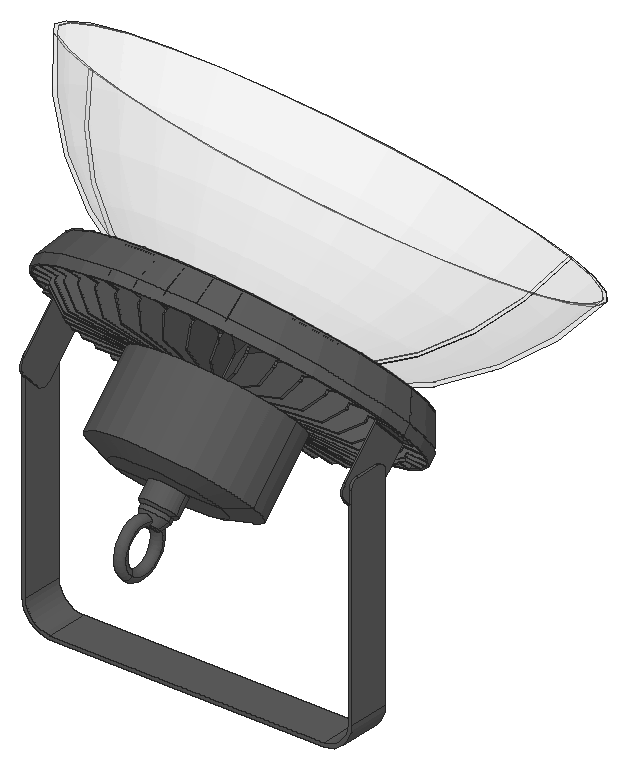
Revit family "0039348+0039354+0039358 Feilo Sylvania Lighting Fixture START HIGHBAY 4K 19KLM WIDE with BRACKET and PC LAMPSHADE TRANSPARENT", category Lighting Fixtures, host Face, Revit 2017
Family settings
  Host = Face
  Round Connector Dimension = Use Diameter
  Part Type = Normal
  OmniClass Number = 23.80.70.00
  OmniClass Title = Lighting
  Cut with Voids When Loaded = No
  Light Source = No
  Shared = No
  Room Calculation Point = No
Parameters (values of type "0039348+0039354+0039358 START HIGHBAY 4K 19KLM WIDE with BRACKET and PC LAMPSHADE TRANSPARENT ")
  Weight = "3.4 kg"
  Wattage Comments = ""
  WarrantyStartDate [instance] = "n/a"
  WarrantyGuarantorParts = "n/a"
  WarrantyDurationUnit = "n/a"
  WarrantyDurationParts = "n/a"
  WarrantyDescription = "n/a"
  Voltage = 230 V
  URL = "http://www.sylvania-lighting.com"
  TypeName = "START HIGHBAY 4K 19KLM WIDE with BRACKET and PC LAMPSHADE TRANSPARENT"
  TypeHead_FEILO = Start LED Highbay Head : 0039348+0039354+0039358 START HIGHBAY 4K 19KLM WIDE with BRACKET and PC LAMPSHADE TRANSPARENT 
  Type Image = <None>
  Type Comments = "n/a"
  TiltAngle_FEILO [instance] = 45.00°
  ThicknessBracketPlate_FEILO = 3 mm
  SizeBracketS_FEILO = no
  SizeBracketM_FEILO = yes
  SerialNumber [instance] = "n/a"
  RadiusBracketTop_FEILO = 7 mm
  RadiusBendOut_FEILO = if(SizeBracketS_FEILO, 18 mm, if(SizeBracketM_FEILO, 24 mm, 28 mm))  # 24 mm
  RadiusBendIn_FEILO = RadiusBendOut_FEILO - ThicknessBracketPlate_FEILO  # 21 mm
  Material_3_FEILO = none
  PowerFactor = 0.95
  PowerConsumption = "150 W"
  NominalLength = 296 mm
  NominalHeight = 177 mm
  NominalDepth = 296 mm
  Name = "START HIGHBAY 4K 19KLM WIDE with BRACKET and PC LAMPSHADE TRANSPARENT"
  ModelReference = Name  # "START HIGHBAY 4K 19KLM WIDE with BRACKET and PC LAMPSHADE TRANSPARENT"
  ModelNumber = "0039348+0039354+0039358"
  Model = Name  # "START HIGHBAY 4K 19KLM WIDE with BRACKET and PC LAMPSHADE TRANSPARENT"
  Material = "aluminium alloy housing, polycarbonate diffuser"
  ManufacturerName = "Feilo Sylvania"
  Manufacturer = "Feilo Sylvania"
  LuminousEfficacy = "130 lm/W"
  LuminaireType = ""
  LightOutputRatio = "n/a"
  LampsType = Lamp  # "LED"
  LampNominalLuminous = "19500 lm"
  LampMacAdamStep = "n/a"
  LampColourTemperature = "4000 K"
  LampColourRenderingIndex = "80"
  Lamp = "LED"
  Keynote = "16500"
  InstallationDate [instance] = "n/a"
  InputVoltage = "220-240V~"
  InputNominalFrequency = "50/60 Hz"
  IngressProtection = "IP65"
  ImpactProtectionIndex = "IK08"
  IfcExportType = "IfcLightFixtureType"
  IfcExportAs = "IfcLightFixtureType"
  ExpectedLife = 50000
  EndAngle_FEILO [instance] = TiltAngle_FEILO + 180.00°  # 225.00°
  ElectricShockClassification = "Class I"
  DurationUnit = "hours"
  DocumentationLiterature = "http://www.sylvania-lighting.com/product/en-int/products/0039348"
  DimmingControlOptions = "n/a"
  Material_2_FEILO = none
  Description = "START HIGHBAY, includes 1 m cables, black aluminium housing, 19500LM, 150W, 130lm/W, 4000K, Driver current: 3210mA, CR80, 90° beam angle, 1-10V dimmable,  IP65, IK08, 50,000 hrs (L70B50), (LxWxH) 296x296x177mm"
  Default Elevation = 1219.2 mm
  CreatedOn = "2/28/2018"
  CreatedBy = ""
  Cost = 0
  built-in parameter 1114216 [instance] = (empty or 0)
  ClassificationValue = "EF_70_80"
  ClassificationName = "Uniclass2015"
  Material_1_FEILO = Body-Sylvania-StartHighbay-Black
  BracketHeight_FEILO = if(SizeBracketS_FEILO, 199.5 mm, if(SizeBracketM_FEILO, 209.6 mm, 201.3 mm))  # 209.6 mm
  BracketDistanceInner_FEILO = if(SizeBracketS_FEILO, 249.4 mm, if(SizeBracketM_FEILO, 273.6 mm, 313.2 mm))  # 273.6 mm
  BarCode [instance] = "n/a"
  AssetType = "Fixed"
  AssetIdentifier [instance] = "n/a"
  Assembly Code = "D5020200"
  Apparent Load = 150 VA
  Material_4_FEILO = none
Reference planes
  plane 1 "Center (Front/Back)": y = 0
  plane 2: z = 0
  plane 3 "Center (Left/Right)": x = 0
  plane 4: x = -139.8
  plane 5: x = 139.8
  plane 6: z = 209.6
  plane 7: x = -136.8
  plane 8: z = 3
  plane 9: x = 136.8
  plane 10: y = 17.5
  plane 11: y = -17.5
  plane 12: y = -19.5
  plane 13: z = 211.6
  plane 14: y = 19.5
  plane 15: z = 200.6
Forms (mm)
  Extrusion 1, solid, material "Body-Sylvania-StartHighbay-Black" <- "Material_1_FEILO"
    sketch origin (0, 0, 0) x (1, 0, 0) y (0, 0, 1)
      loop
        line (-139.8, 209.6) -> (-139.8, 24)
        arc (-139.8, 24) -> (-132.771, 7.029) -> (-115.8, 0) r 24
        line (-115.8, 0) -> (115.8, 0)
        arc (115.8, 0) -> (132.771, 7.029) -> (139.8, 24) r 24
        line (139.8, 24) -> (139.8, 209.6) -> (136.8, 209.6) -> (136.8, 24)
        arc (136.8, 24) -> (130.649, 9.151) -> (115.8, 3) r 21
        line (115.8, 3) -> (-115.8, 3)
        arc (-115.8, 3) -> (-130.649, 9.151) -> (-136.8, 24) r 21
        line (-136.8, 24) -> (-136.8, 209.6) -> (-139.8, 209.6)
    from -17.5 to 17.5
  Extrusion 2, void
    sketch origin (0, 0, 0) x (0, 1, 0) y (0, 0, 1)
      loop
        arc (10.5, 209.6) -> (15.45, 207.55) -> (17.5, 202.6) r 7
        line (17.5, 202.6) -> (19.5, 202.6) -> (19.5, 211.6) -> (-19.5, 211.6) -> (-19.5, 202.6) -> (-17.5, 202.6)
        arc (-17.5, 202.6) -> (-15.45, 207.55) -> (-10.5, 209.6) r 7
        line (-10.5, 209.6) -> (10.5, 209.6)
    from -139.8 to 139.8
  Revolve 3, solid, not visible
    sketch origin (1223.4, -4572, 200.6) x (0, -1, 0) y (1, 0, 0)
      loop
        line (-4572, -1223.4) -> (-4591.5, -1223.4) -> (-4591.5, -1277.783) -> (-4572, -1277.783) -> (-4572, -1223.4)
      axis (-4572, -1223.4) -> (-4572, -1277.783)
    angle from 45 <- "TiltAngle_FEILO" to 225 <- "EndAngle_FEILO"
Cuts and joins
  Extrusion 2 cuts Extrusion 1
Dimensions and locks
  "BracketHeight_FEILO": plane 6 to plane 2
  equal spacing: plane 11, plane 1 "Center (Front/Back)", plane 10
  locked: plane 11 to plane 10 at 35
  equal spacing: plane 9, plane 3 "Center (Left/Right)", plane 7
  "BracketDistanceInner_FEILO": plane 9 to plane 7
  "ThicknessBracketPlate_FEILO": plane 7 to plane 4
  "ThicknessBracketPlate_FEILO": plane 8 to plane 2
  equal spacing: plane 5, plane 3 "Center (Left/Right)", plane 4
  equal spacing: plane 12, plane 1 "Center (Front/Back)", plane 14
  locked: plane 6 to plane 13 at 2
  locked: plane 12 to plane 11 at 2
  locked: plane 6 to plane 15 at 9
  "RadiusBendOut_FEILO": radius of Extrusion 1 sketch curve  (x2)
  "RadiusBendIn_FEILO": radius of Extrusion 1 sketch curve  (x2)
  "RadiusBracketTop_FEILO": radius of Extrusion 2 sketch curve  (x2)
  aligned and locked: plane 2 to host face
  aligned and locked: level to host face
  aligned and locked: Extrusion 1 sketch curve to plane 4
  aligned and locked: Extrusion 1 sketch curve to level
  aligned and locked: plane 6 to Extrusion 1 sketch curve
  aligned and locked: Extrusion 1 sketch curve to plane 6
  aligned and locked: Extrusion 1 sketch curve to plane 7
  aligned and locked: plane 9 to Extrusion 1 sketch curve
  aligned and locked: plane 8 to Extrusion 1 sketch curve
  aligned and locked: Extrusion 1 to plane 10
  aligned and locked: plane 11 to Extrusion 1
  aligned and locked: Extrusion 1 to Extrusion 2 sketch curve
  aligned and locked: plane 14 to Extrusion 2 sketch curve  (x2)
  aligned and locked: Extrusion 2 sketch curve to plane 12
  aligned and locked: plane 13 to Extrusion 2 sketch curve
  aligned and locked: plane 5 to Extrusion 2
  aligned and locked: Extrusion 2 to plane 4
  aligned and locked: Revolve 3 sketch curve to plane 1 "Center (Front/Back)"
  aligned and locked: Revolve 3 sketch curve to Revolve 3 sketch curve
  aligned and locked: plane 3 "Center (Left/Right)" to Revolve 3 sketch curve
  aligned and locked: Revolve 3 sketch curve to plane 14
  aligned and locked: nested 1 to plane 3 "Center (Left/Right)"
Automatic sketch dimensions
  host sketch curve to host sketch curve = 2438.4 mm  (x2)
  Revolve 3 sketch curve to Revolve 3 sketch curve = 54.383 mm
  Revolve 3 sketch curve to plane 4 = 1396.3 mm
  plane 5 to Revolve 3 sketch curve = 1396.3 mm
  Extrusion 1 sketch curve to Extrusion 1 sketch curve = 0 mm
  Extrusion 2 sketch curve to plane 11 = 0 mm
  Extrusion 2 sketch curve to plane 10 = 0 mm
Nested families
  nested 1: "Start LED Highbay Head" at (0, 0, 200.6) x (-1, 0, 0) z (0, 0.7071, 0.7071), type <- "TypeHead_FEILO", type "0039348+0039354+0039358 START HIGHBAY 4K 19KLM WIDE with BRACKET and PC LAMPSHADE TRANSPARENT "
    with built-in parameter 1114216 (empty or 0)
Connectors
  electrical at (0, 0, 0), driven by "Apparent Load", driven by "PowerFactor", driven by "Voltage"
    settings: index 1, voltage 230 V, apparent load 150 VA, apparent load phase1 0 VA, apparent load phase2 0 VA, apparent load phase3 0 VA, power factor 0.95, load classification "Lighting", number of poles 1, system type 30, power factor state 1, is connector primary yes, connector utility no, sub classification motor no, connector description ""
Definition of nested family "Start LED Highbay Head"
  Parameters (values of type "0039351+0039354+0039358 START HIGHBAY 6K 19KLM WIDE with BRACKET and PC LAMPSHADE TRANSPARENT ")
    X_FEILO = if(SizeS_FEILO, 60.3 mm, if(SizeM_FEILO, 70.4 mm, 83.5 mm))  # 70.4 mm
    WidthStraight_FEILO = if(SizeS_FEILO, 3 mm, if(SizeM_FEILO, 4 mm, 4.7 mm))  # 4 mm
    WidthRingChamfer_FEILO = if(SizeS_FEILO, 10.3 mm, if(SizeM_FEILO, 11.2 mm, 12.9 mm))  # 11.2 mm
    WidthCurved_FEILO = if(SizeS_FEILO, 17.4 mm, if(SizeM_FEILO, 16.4 mm, 26.2 mm))  # 16.4 mm
    WidthCurvedRing_FEILO = if(SizeS_FEILO, 3 mm, if(SizeM_FEILO, 4 mm, 4.7 mm))  # 4 mm
    WidthBracket_FEILO = 40 mm
    Wattage Comments = ""
    Wattage = 150 W
    built-in parameter 1150110 = 1 (stored number, unit not read)
    URL = "http://www.feilosylvania.com"
    Type Image = (empty or 0)
    Type Comments = "n/a"
    built-in parameter 1114217 = 1 (stored number, unit not read)
    Tilt Angle = -90.00°
    ThicknessWall_FEILO = 1.5 mm
    ThicknessBracket_FEILO = 1.5 mm
    ThicknessBracketHalf_FEILO = ThicknessBracket_FEILO / 2  # 0.75 mm
    built-in parameter 1150109 = 1 (stored number, unit not read)
    built-in parameter 1150134 = 1
    built-in parameter 1150113 = 1 (stored number, unit not read)
    SizeS_FEILO = no
    SizeM_FEILO = yes
    ShadeThickness_FEILO = 3 mm
    ShadeSizeSM_FEILO = or(SizeS_FEILO, SizeM_FEILO)  # yes
    ShadeRadiusOut_FEILO = 205 mm
    ShadeRadiusIn_FEILO = if(ShadeSizeSM_FEILO, 95 mm, 121 mm)  # 95 mm
    ShadeRadiusBend_FEILO = if(ShadeSizeSM_FEILO, 210 mm, 210 mm)  # 210 mm
    ShadeOn_FEILO = yes
    ShadeHeight_FEILO = if(ShadeSizeSM_FEILO, 120 mm, 151 mm)  # 120 mm
    Rib4_FEILO = if(SizeS_FEILO, 18.1 mm, if(SizeM_FEILO, 13.6 mm, 14.6 mm))  # 13.6 mm
    Rib3_FEILO = if(SizeS_FEILO, 15.3 mm, if(SizeM_FEILO, 17.6 mm, 20.2 mm))  # 17.6 mm
    Rib2_FEILO = if(SizeS_FEILO, 3.6 mm, if(SizeM_FEILO, 3.9 mm, 4.5 mm))  # 3.9 mm
    Rib1_FEILO = if(SizeS_FEILO, 15.1 mm, if(SizeM_FEILO, 16.5 mm, 19 mm))  # 16.5 mm
    RadiusDiffuser_FEILO = if(SizeS_FEILO, 95.2 mm, if(SizeM_FEILO, 105.3 mm, 120 mm))  # 105.3 mm
    RadiusArrayPost_FEILO = DriverRadius_FEILO - 6 mm  # 61.2 mm
    RHRadius3_FEILO = if(SizeS_FEILO, 6.6 mm, if(SizeM_FEILO, 7.4 mm, 8.6 mm))  # 7.4 mm
    RHRadius2_FEILO = if(SizeS_FEILO, 11 mm, if(SizeM_FEILO, 12 mm, 14 mm))  # 12 mm
    RHRadius1_FEILO = if(SizeS_FEILO, 13.6 mm, if(SizeM_FEILO, 14.9 mm, 17.7 mm))  # 14.9 mm
    RHHeight4_FEILO = if(SizeS_FEILO, 7.3 mm, if(SizeM_FEILO, 8 mm, 9.2 mm))  # 8 mm
    RHHeight3_FEILO = if(SizeS_FEILO, 3.6 mm, if(SizeM_FEILO, 3.7 mm, 4.6 mm))  # 3.7 mm
    RHHeight2_FEILO = if(SizeS_FEILO, 2 mm, if(SizeM_FEILO, 2.2 mm, 2.6 mm))  # 2.2 mm
    RHHeight1_FEILO = if(SizeS_FEILO, 11.8 mm, if(SizeM_FEILO, 15.3 mm, 17.4 mm))  # 15.3 mm
    Photometric Web File = "0039351+0039358.ies"
    Material_5_FEILO = none
    Material_3_FEILO = none
    Model = "START HIGHBAY 6K 19KLM WIDE with BRACKET and PC LAMPSHADE TRANSPARENT"
    Manufacturer = "Feilo Sylvania"
    built-in parameter 1150105 = 10854.2 (stored number, unit not read)
    Lumens = 19500 lm
    built-in parameter 1150115 = 1 (stored number, unit not read)
    built-in parameter 1150137 = (empty or 0)
    built-in parameter 1150139 = (empty or 0)
    built-in parameter 1150112 = 1 (stored number, unit not read)
    built-in parameter 1150114 = 1 (stored number, unit not read)
    Lamp = "LED"
    Keynote = "16500"
    built-in parameter 1150132 = (empty or 0)
    built-in parameter 1150102 = (empty or 0)
    built-in parameter 1150107 = 6500 (stored number, unit not read)
    built-in parameter 1150138 = (empty or 0)
    built-in parameter 1150106 = 108.54 (stored number, unit not read)
    HeightRing_FEILO = if(SizeS_FEILO, 19.8 mm, if(SizeM_FEILO, 32 mm, 36.8 mm))  # 32 mm
    HeightRingChamfer_FEILO = if(SizeS_FEILO, 11.7 mm, if(SizeM_FEILO, 23.2 mm, 26.6 mm))  # 23.2 mm
    EyeThickness_FEILO = if(SizeS_FEILO, 8.4 mm, if(SizeM_FEILO, 9.2 mm, 10.5 mm))  # 9.2 mm
    EyeThicknessHalf_FEILO = EyeThickness_FEILO / 2  # 4.6 mm
    EyeInner_FEILO = if(SizeS_FEILO, 13.8 mm, if(SizeM_FEILO, 15.1 mm, 17.3 mm))  # 15.1 mm
    Emit from Circle Diameter = RadiusDiffuser_FEILO * 2  # 210.6 mm
    Emit Shape Visible in Rendering = no
    built-in parameter 1150104 = 12.077 (stored number, unit not read)
    DriverVerticalStraight_FEILO = if(SizeS_FEILO, 46.5 mm, if(SizeM_FEILO, 49.7 mm, 57 mm))  # 49.7 mm
    DriverVerticalChamfer_FEILO = if(SizeS_FEILO, 7.5 mm, if(SizeM_FEILO, 8.2 mm, 9.5 mm))  # 8.2 mm
    DriverRadius_FEILO = if(SizeS_FEILO, 61.4 mm, if(SizeM_FEILO, 67.2 mm, 76.4 mm))  # 67.2 mm
    DriverRadiusTop_FEILO = if(SizeS_FEILO, 42 mm, if(SizeM_FEILO, 45.3 mm, 52.4 mm))  # 45.3 mm
    DriverBottom_FEILO = if(SizeS_FEILO, 56 mm, if(SizeM_FEILO, 64.5 mm, 74 mm))  # 64.5 mm
    Material_2_FEILO = none
    Radius_FEILO = if(SizeS_FEILO, 135 mm, if(SizeM_FEILO, 148 mm, 169.5 mm))  # 148 mm
    Dimming Lamp Color Temperature Shift = (empty or 0)
    DiameterWire_FEILO = 3 mm
    DiameterWireSupport_FEILO = 10 mm
    Description = "START HIGHBAY, includes 1 m cables, black aluminium housing, 19500LM, 150W, 130lm/W, 6500K, Driver current: 2140mA, CR80, 60° beam angle, 1-10V dimmable,  IP65, IK08, 50,000 hrs (L70B50), (LxWxH) 296x296x177mm"
    Default Elevation = 1219.2 mm
    Cost = 0
    Color Filter = 16777215
    built-in parameter 1114216 [instance] = (empty or 0)
    Material_1_FEILO = none
    built-in parameter 1114218 = 1 (stored number, unit not read)
    built-in parameter 1150133 = 10 (stored number, unit not read)
    Assembly Code = "D5020200"
    Apparent Load = 150 VA
    Material_4_FEILO = none
  Types (36, lengths in mm): name | X_FEILO | WidthStraight_FEILO | WidthRingChamfer_FEILO | WidthCurved_FEILO | WidthCurvedRing_FEILO | Wattage | built-in parameter 1150134 | SizeS_FEILO | SizeM_FEILO | ShadeSizeSM_FEILO | ShadeRadiusIn_FEILO | ShadeOn_FEILO | ShadeHeight_FEILO | Rib4_FEILO | Rib3_FEILO | Rib2_FEILO | Rib1_FEILO | RadiusDiffuser_FEILO | RadiusArrayPost_FEILO | RHRadius3_FEILO | RHRadius2_FEILO | RHRadius1_FEILO | RHHeight4_FEILO | RHHeight3_FEILO | RHHeight2_FEILO | RHHeight1_FEILO | Photometric Web File | Model | built-in parameter 1150105 | Lumens | built-in parameter 1150107 | built-in parameter 1150106 | HeightRing_FEILO | HeightRingChamfer_FEILO | EyeThickness_FEILO | EyeThicknessHalf_FEILO | EyeInner_FEILO | Emit from Circle Diameter | DriverVerticalStraight_FEILO | DriverVerticalChamfer_FEILO | DriverRadius_FEILO | DriverRadiusTop_FEILO | DriverBottom_FEILO | Radius_FEILO | Description | Apparent Load
    0039352+0039355+0039361 START HIGHBAY 6K 26KLM WIDE with BRACKET and PC LAMPSHADE TRANSPARENT | 83.5 | 4.7 | 12.9 | 26.2 | 4.7 | 200 W | 1 | no | no | no | 121 | yes | 151 | 14.6 | 20.2 | 4.5 | 19 | 120 | 70.4 | 8.6 | 14 | 17.7 | 9.2 | 4.6 | 2.6 | 17.4 | "0039352+0039361.ies" | "START HIGHBAY 6K 26KLM WIDE with BRACKET and PC LAMPSHADE TRANSPARENT" | 17911 (stored number, unit not read) | 26000 lm | 6500 (stored number, unit not read) | 179.11 (stored number, unit not read) | 36.8 | 26.6 | 10.5 | 5.25 | 17.3 | 240 | 57 | 9.5 | 76.4 | 52.4 | 74 | 169.5 | "START HIGHBAY, includes 1 m cables, black aluminium housing, 26000LM, 200W, 130lm/W, 6500K, Driver current: 5000mA, CR80, 60° beam angle, 1-10V dimmable,  IP65, IK08, 50,000 hrs (L70B50), (LxWxH) 339x339x194mm" | 200 VA
    0039352+0039355+0039360 START HIGHBAY 6K 26KLM WIDE with BRACKET and ALU SHADE BLACK COLOR | 83.5 | 4.7 | 12.9 | 26.2 | 4.7 | 200 W | 1 | no | no | no | 121 | yes | 151 | 14.6 | 20.2 | 4.5 | 19 | 120 | 70.4 | 8.6 | 14 | 17.7 | 9.2 | 4.6 | 2.6 | 17.4 | "0039352+0039360.ies" | "START HIGHBAY 6K 26KLM WIDE with BRACKET and ALU SHADE BLACK COLOR" | 14870 (stored number, unit not read) | 26000 lm | 6500 (stored number, unit not read) | 148.7 (stored number, unit not read) | 36.8 | 26.6 | 10.5 | 5.25 | 17.3 | 240 | 57 | 9.5 | 76.4 | 52.4 | 74 | 169.5 | "START HIGHBAY, includes 1 m cables, black aluminium housing, 26000LM, 200W, 130lm/W, 6500K, Driver current: 5000mA, CR80, 60° beam angle, 1-10V dimmable,  IP65, IK08, 50,000 hrs (L70B50), (LxWxH) 339x339x194mm" | 200 VA
    0039352+0039355+0039359 START HIGHBAY 6K 26KLM WIDE with BRACKET and ALU SHADE ALU COLOR | 83.5 | 4.7 | 12.9 | 26.2 | 4.7 | 200 W | 1 | no | no | no | 121 | yes | 151 | 14.6 | 20.2 | 4.5 | 19 | 120 | 70.4 | 8.6 | 14 | 17.7 | 9.2 | 4.6 | 2.6 | 17.4 | "0039352+0039359.ies" | "START HIGHBAY 6K 26KLM WIDE with BRACKET and ALU SHADE ALU COLOR" | 14870 (stored number, unit not read) | 26000 lm | 6500 (stored number, unit not read) | 148.7 (stored number, unit not read) | 36.8 | 26.6 | 10.5 | 5.25 | 17.3 | 240 | 57 | 9.5 | 76.4 | 52.4 | 74 | 169.5 | "START HIGHBAY, includes 1 m cables, black aluminium housing, 26000LM, 200W, 130lm/W, 6500K, Driver current: 5000mA, CR80, 60° beam angle, 1-10V dimmable,  IP65, IK08, 50,000 hrs (L70B50), (LxWxH) 339x339x194mm" | 200 VA
    0039352+0039355 START HIGHBAY 6K 26KLM WIDE with BRACKET | 83.5 | 4.7 | 12.9 | 26.2 | 4.7 | 200 W | 1 | no | no | no | 121 | no | 151 | 14.6 | 20.2 | 4.5 | 19 | 120 | 70.4 | 8.6 | 14 | 17.7 | 9.2 | 4.6 | 2.6 | 17.4 | "0039352.ies" | "START HIGHBAY 6K 26KLM WIDE with BRACKET" | 13836.2 (stored number, unit not read) | 26000 lm | 6500 (stored number, unit not read) | 138.36 (stored number, unit not read) | 36.8 | 26.6 | 10.5 | 5.25 | 17.3 | 240 | 57 | 9.5 | 76.4 | 52.4 | 74 | 169.5 | "START HIGHBAY, includes 1 m cables, black aluminium housing, 26000LM, 200W, 130lm/W, 6500K, Driver current: 5000mA, CR80, 60° beam angle, 1-10V dimmable,  IP65, IK08, 50,000 hrs (L70B50), (LxWxH) 339x339x194mm" | 200 VA
    0039351+0039354+0039358 START HIGHBAY 6K 19KLM WIDE with BRACKET and PC LAMPSHADE TRANSPARENT | 70.4 | 4 | 11.2 | 16.4 | 4 | 150 W | 1 | no | yes | yes | 95 | yes | 120 | 13.6 | 17.6 | 3.9 | 16.5 | 105.3 | 61.2 | 7.4 | 12 | 14.9 | 8 | 3.7 | 2.2 | 15.3 | "0039351+0039358.ies" | "START HIGHBAY 6K 19KLM WIDE with BRACKET and PC LAMPSHADE TRANSPARENT" | 10854.2 (stored number, unit not read) | 19500 lm | 6500 (stored number, unit not read) | 108.54 (stored number, unit not read) | 32 | 23.2 | 9.2 | 4.6 | 15.1 | 210.6 | 49.7 | 8.2 | 67.2 | 45.3 | 64.5 | 148 | "START HIGHBAY, includes 1 m cables, black aluminium housing, 19500LM, 150W, 130lm/W, 6500K, Driver current: 2140mA, CR80, 60° beam angle, 1-10V dimmable,  IP65, IK08, 50,000 hrs (L70B50), (LxWxH) 296x296x177mm" | 150 VA
    0039351+0039354+0039357 START HIGHBAY 6K 19KLM WIDE with BRACKET and ALU SHADE BLACK COLOR | 70.4 | 4 | 11.2 | 16.4 | 4 | 150 W | 1 | no | yes | yes | 95 | yes | 120 | 13.6 | 17.6 | 3.9 | 16.5 | 105.3 | 61.2 | 7.4 | 12 | 14.9 | 8 | 3.7 | 2.2 | 15.3 | "0039351+0039357.ies" | "START HIGHBAY 6K 19KLM WIDE with BRACKET and ALU SHADE BLACK COLOR" | 11152.5 (stored number, unit not read) | 19500 lm | 6500 (stored number, unit not read) | 111.52 (stored number, unit not read) | 32 | 23.2 | 9.2 | 4.6 | 15.1 | 210.6 | 49.7 | 8.2 | 67.2 | 45.3 | 64.5 | 148 | "START HIGHBAY, includes 1 m cables, black aluminium housing, 19500LM, 150W, 130lm/W, 6500K, Driver current: 2140mA, CR80, 60° beam angle, 1-10V dimmable,  IP65, IK08, 50,000 hrs (L70B50), (LxWxH) 296x296x177mm" | 150 VA
    0039351+0039354+0039356 START HIGHBAY 6K 19KLM WIDE with BRACKET and ALU SHADE ALU COLOR | 70.4 | 4 | 11.2 | 16.4 | 4 | 150 W | 1 | no | yes | yes | 95 | yes | 120 | 13.6 | 17.6 | 3.9 | 16.5 | 105.3 | 61.2 | 7.4 | 12 | 14.9 | 8 | 3.7 | 2.2 | 15.3 | "0039351+0039356.ies" | "START HIGHBAY 6K 19KLM WIDE with BRACKET and ALU SHADE ALU COLOR" | 11152.5 (stored number, unit not read) | 19500 lm | 6500 (stored number, unit not read) | 111.52 (stored number, unit not read) | 32 | 23.2 | 9.2 | 4.6 | 15.1 | 210.6 | 49.7 | 8.2 | 67.2 | 45.3 | 64.5 | 148 | "START HIGHBAY, includes 1 m cables, black aluminium housing, 19500LM, 150W, 130lm/W, 6500K, Driver current: 2140mA, CR80, 60° beam angle, 1-10V dimmable,  IP65, IK08, 50,000 hrs (L70B50), (LxWxH) 296x296x177mm" | 150 VA
    0039351+0039354 START HIGHBAY 6K 19KLM WIDE with BRACKET | 70.4 | 4 | 11.2 | 16.4 | 4 | 150 W | 1 | no | yes | yes | 95 | no | 120 | 13.6 | 17.6 | 3.9 | 16.5 | 105.3 | 61.2 | 7.4 | 12 | 14.9 | 8 | 3.7 | 2.2 | 15.3 | "0039351.ies" | "START HIGHBAY 6K 19KLM WIDE with BRACKET" | 10377.1 (stored number, unit not read) | 19500 lm | 6500 (stored number, unit not read) | 103.77 (stored number, unit not read) | 32 | 23.2 | 9.2 | 4.6 | 15.1 | 210.6 | 49.7 | 8.2 | 67.2 | 45.3 | 64.5 | 148 | "START HIGHBAY, includes 1 m cables, black aluminium housing, 19500LM, 150W, 130lm/W, 6500K, Driver current: 2140mA, CR80, 60° beam angle, 1-10V dimmable,  IP65, IK08, 50,000 hrs (L70B50), (LxWxH) 296x296x177mm" | 150 VA
    0039350+0039353+0039358 START HIGHBAY 6K 13KLM WIDE with BRACKET and PC LAMPSHADE TRANSPARENT | 60.3 | 3 | 10.3 | 17.4 | 3 | 100 W | 1 | yes | no | yes | 95 | yes | 120 | 18.1 | 15.3 | 3.6 | 15.1 | 95.2 | 55.4 | 6.6 | 11 | 13.6 | 7.3 | 3.6 | 2 | 11.8 | "0039350+0039358.ies" | "START HIGHBAY 6K 13KLM WIDE with BRACKET and PC LAMPSHADE TRANSPARENT" | 7236.1 (stored number, unit not read) | 13000 lm | 6500 (stored number, unit not read) | 72.361 (stored number, unit not read) | 19.8 | 11.7 | 8.4 | 4.2 | 13.8 | 190.4 | 46.5 | 7.5 | 61.4 | 42 | 56 | 135 | "START HIGHBAY, includes 1 m cables, black aluminium housing, 13000LM, 100W, 130lm/W, 6500K, Driver current: 2140mA, CR80, 60° beam angle, 1-10V dimmable,  IP65, IK08, 50,000 hrs (L70B50), (LxWxH) 270x270x170mm" | 100 VA
    0039350+0039353+0039357 START HIGHBAY 6K 13KLM WIDE with BRACKET and ALU SHADE BLACK COLOR | 60.3 | 3 | 10.3 | 17.4 | 3 | 100 W | 1 | yes | no | yes | 95 | yes | 120 | 18.1 | 15.3 | 3.6 | 15.1 | 95.2 | 55.4 | 6.6 | 11 | 13.6 | 7.3 | 3.6 | 2 | 11.8 | "0039350+0039357.ies" | "START HIGHBAY 6K 13KLM WIDE with BRACKET and ALU SHADE BLACK COLOR" | 7435 (stored number, unit not read) | 13000 lm | 6500 (stored number, unit not read) | 74.35 (stored number, unit not read) | 19.8 | 11.7 | 8.4 | 4.2 | 13.8 | 190.4 | 46.5 | 7.5 | 61.4 | 42 | 56 | 135 | "START HIGHBAY, includes 1 m cables, black aluminium housing, 13000LM, 100W, 130lm/W, 6500K, Driver current: 2140mA, CR80, 60° beam angle, 1-10V dimmable,  IP65, IK08, 50,000 hrs (L70B50), (LxWxH) 270x270x170mm" | 100 VA
    0039350+0039353+0039356 START HIGHBAY 6K 13KLM WIDE with BRACKET and ALU SHADE ALU COLOR | 60.3 | 3 | 10.3 | 17.4 | 3 | 100 W | 1 | yes | no | yes | 95 | yes | 120 | 18.1 | 15.3 | 3.6 | 15.1 | 95.2 | 55.4 | 6.6 | 11 | 13.6 | 7.3 | 3.6 | 2 | 11.8 | "0039350+0039356.ies" | "START HIGHBAY 6K 13KLM WIDE with BRACKET and ALU SHADE ALU COLOR" | 7435 (stored number, unit not read) | 13000 lm | 6500 (stored number, unit not read) | 74.35 (stored number, unit not read) | 19.8 | 11.7 | 8.4 | 4.2 | 13.8 | 190.4 | 46.5 | 7.5 | 61.4 | 42 | 56 | 135 | "START HIGHBAY, includes 1 m cables, black aluminium housing, 13000LM, 100W, 130lm/W, 6500K, Driver current: 2140mA, CR80, 60° beam angle, 1-10V dimmable,  IP65, IK08, 50,000 hrs (L70B50), (LxWxH) 270x270x170mm" | 100 VA
    0039350+0039353 START HIGHBAY 6K 13KLM WIDE with BRACKET | 60.3 | 3 | 10.3 | 17.4 | 3 | 100 W | 1 | yes | no | yes | 95 | no | 120 | 18.1 | 15.3 | 3.6 | 15.1 | 95.2 | 55.4 | 6.6 | 11 | 13.6 | 7.3 | 3.6 | 2 | 11.8 | "0039350.ies" | "START HIGHBAY 6K 13KLM WIDE with BRACKET" | 6918.1 (stored number, unit not read) | 13000 lm | 6500 (stored number, unit not read) | 69.181 (stored number, unit not read) | 19.8 | 11.7 | 8.4 | 4.2 | 13.8 | 190.4 | 46.5 | 7.5 | 61.4 | 42 | 56 | 135 | "START HIGHBAY, includes 1 m cables, black aluminium housing, 13000LM, 100W, 130lm/W, 6500K, Driver current: 2140mA, CR80, 60° beam angle, 1-10V dimmable,  IP65, IK08, 50,000 hrs (L70B50), (LxWxH) 270x270x170mm" | 100 VA
    0039349+0039355+0039361 START HIGHBAY 4K 26KLM WIDE with BRACKET and PC LAMPSHADE TRANSPARENT FOR | 83.5 | 4.7 | 12.9 | 26.2 | 4.7 | 200 W | 12 | no | no | no | 121 | yes | 151 | 14.6 | 20.2 | 4.5 | 19 | 120 | 70.4 | 8.6 | 14 | 17.7 | 9.2 | 4.6 | 2.6 | 17.4 | "0039349+0039361.ies" | "START HIGHBAY 4K 26KLM WIDE with BRACKET and PC LAMPSHADE TRANSPARENT FOR" | 17911 (stored number, unit not read) | 26000 lm | 4000 (stored number, unit not read) | 179.11 (stored number, unit not read) | 36.8 | 26.6 | 10.5 | 5.25 | 17.3 | 240 | 57 | 9.5 | 76.4 | 52.4 | 74 | 169.5 | "START HIGHBAY, includes 1 m cables, black aluminium housing, 26000LM, 200W, 130lm/W, 4000K, Driver current: 5000mA, CR80, 90° beam angle, 1-10V dimmable,  IP65, IK08, 50,000 hrs (L70B50), (LxWxH) 339x339x194mm" | 200 VA
    0039349+0039355+0039360 START HIGHBAY 4K 26KLM WIDE with BRACKET and ALU SHADE BLACK COLOR | 83.5 | 4.7 | 12.9 | 26.2 | 4.7 | 200 W | 12 | no | no | no | 121 | yes | 151 | 14.6 | 20.2 | 4.5 | 19 | 120 | 70.4 | 8.6 | 14 | 17.7 | 9.2 | 4.6 | 2.6 | 17.4 | "0039349+0039360.ies" | "START HIGHBAY 4K 26KLM WIDE with BRACKET and ALU SHADE BLACK COLOR" | 14870 (stored number, unit not read) | 26000 lm | 4000 (stored number, unit not read) | 148.7 (stored number, unit not read) | 36.8 | 26.6 | 10.5 | 5.25 | 17.3 | 240 | 57 | 9.5 | 76.4 | 52.4 | 74 | 169.5 | "START HIGHBAY, includes 1 m cables, black aluminium housing, 26000LM, 200W, 130lm/W, 4000K, Driver current: 5000mA, CR80, 90° beam angle, 1-10V dimmable,  IP65, IK08, 50,000 hrs (L70B50), (LxWxH) 339x339x194mm" | 200 VA
    0039349+0039355+0039359 START HIGHBAY 4K 26KLM WIDE with BRACKET and ALU SHADE ALU COLOR | 83.5 | 4.7 | 12.9 | 26.2 | 4.7 | 200 W | 12 | no | no | no | 121 | yes | 151 | 14.6 | 20.2 | 4.5 | 19 | 120 | 70.4 | 8.6 | 14 | 17.7 | 9.2 | 4.6 | 2.6 | 17.4 | "0039349+0039359.ies" | "START HIGHBAY 4K 26KLM WIDE with BRACKET and ALU SHADE ALU COLOR" | 14870 (stored number, unit not read) | 26000 lm | 4000 (stored number, unit not read) | 148.7 (stored number, unit not read) | 36.8 | 26.6 | 10.5 | 5.25 | 17.3 | 240 | 57 | 9.5 | 76.4 | 52.4 | 74 | 169.5 | "START HIGHBAY, includes 1 m cables, black aluminium housing, 26000LM, 200W, 130lm/W, 4000K, Driver current: 5000mA, CR80, 90° beam angle, 1-10V dimmable,  IP65, IK08, 50,000 hrs (L70B50), (LxWxH) 339x339x194mm" | 200 VA
    0039349+0039355 START HIGHBAY 4K 26KLM WIDE with BRACKET | 83.5 | 4.7 | 12.9 | 26.2 | 4.7 | 200 W | 12 | no | no | no | 121 | no | 151 | 14.6 | 20.2 | 4.5 | 19 | 120 | 70.4 | 8.6 | 14 | 17.7 | 9.2 | 4.6 | 2.6 | 17.4 | "0039349.ies" | "START HIGHBAY 4K 26KLM WIDE with BRACKET" | 13836.2 (stored number, unit not read) | 26000 lm | 4000 (stored number, unit not read) | 138.36 (stored number, unit not read) | 36.8 | 26.6 | 10.5 | 5.25 | 17.3 | 240 | 57 | 9.5 | 76.4 | 52.4 | 74 | 169.5 | "START HIGHBAY, includes 1 m cables, black aluminium housing, 26000LM, 200W, 130lm/W, 4000K, Driver current: 5000mA, CR80, 90° beam angle, 1-10V dimmable,  IP65, IK08, 50,000 hrs (L70B50), (LxWxH) 339x339x194mm" | 200 VA
    0039348+0039354+0039358 START HIGHBAY 4K 19KLM WIDE with BRACKET and PC LAMPSHADE TRANSPARENT | 70.4 | 4 | 11.2 | 16.4 | 4 | 150 W | 12 | no | yes | yes | 95 | yes | 120 | 13.6 | 17.6 | 3.9 | 16.5 | 105.3 | 61.2 | 7.4 | 12 | 14.9 | 8 | 3.7 | 2.2 | 15.3 | "0039348+0039358.ies" | "START HIGHBAY 4K 19KLM WIDE with BRACKET and PC LAMPSHADE TRANSPARENT" | 10854.2 (stored number, unit not read) | 19500 lm | 4000 (stored number, unit not read) | 108.54 (stored number, unit not read) | 32 | 23.2 | 9.2 | 4.6 | 15.1 | 210.6 | 49.7 | 8.2 | 67.2 | 45.3 | 64.5 | 148 | "START HIGHBAY, includes 1 m cables, black aluminium housing, 19500LM, 150W, 130lm/W, 4000K, Driver current: 3210mA, CR80, 90° beam angle, 1-10V dimmable,  IP65, IK08, 50,000 hrs (L70B50), (LxWxH) 296x296x177mm" | 150 VA
    0039348+0039354+0039357 START HIGHBAY 4K 19KLM WIDE with BRACKET and ALU SHADE BLACK COLOR | 70.4 | 4 | 11.2 | 16.4 | 4 | 150 W | 12 | no | yes | yes | 95 | yes | 120 | 13.6 | 17.6 | 3.9 | 16.5 | 105.3 | 61.2 | 7.4 | 12 | 14.9 | 8 | 3.7 | 2.2 | 15.3 | "0039348+0039357.ies" | "START HIGHBAY 4K 19KLM WIDE with BRACKET and ALU SHADE BLACK COLOR" | 11152.5 (stored number, unit not read) | 19500 lm | 4000 (stored number, unit not read) | 111.52 (stored number, unit not read) | 32 | 23.2 | 9.2 | 4.6 | 15.1 | 210.6 | 49.7 | 8.2 | 67.2 | 45.3 | 64.5 | 148 | "START HIGHBAY, includes 1 m cables, black aluminium housing, 19500LM, 150W, 130lm/W, 4000K, Driver current: 3210mA, CR80, 90° beam angle, 1-10V dimmable,  IP65, IK08, 50,000 hrs (L70B50), (LxWxH) 296x296x177mm" | 150 VA
    0039348+0039354+0039356 START HIGHBAY 4K 19KLM WIDE with BRACKET and ALU SHADE ALU COLOR | 70.4 | 4 | 11.2 | 16.4 | 4 | 150 W | 12 | no | yes | yes | 95 | yes | 120 | 13.6 | 17.6 | 3.9 | 16.5 | 105.3 | 61.2 | 7.4 | 12 | 14.9 | 8 | 3.7 | 2.2 | 15.3 | "0039348+0039356.ies" | "START HIGHBAY 4K 19KLM WIDE with BRACKET and ALU SHADE ALU COLOR" | 11152.5 (stored number, unit not read) | 19500 lm | 4000 (stored number, unit not read) | 111.52 (stored number, unit not read) | 32 | 23.2 | 9.2 | 4.6 | 15.1 | 210.6 | 49.7 | 8.2 | 67.2 | 45.3 | 64.5 | 148 | "START HIGHBAY, includes 1 m cables, black aluminium housing, 19500LM, 150W, 130lm/W, 4000K, Driver current: 3210mA, CR80, 90° beam angle, 1-10V dimmable,  IP65, IK08, 50,000 hrs (L70B50), (LxWxH) 296x296x177mm" | 150 VA
    0039348+0039354 START HIGHBAY 4K 19KLM WIDE with BRACKET | 70.4 | 4 | 11.2 | 16.4 | 4 | 150 W | 12 | no | yes | yes | 95 | no | 120 | 13.6 | 17.6 | 3.9 | 16.5 | 105.3 | 61.2 | 7.4 | 12 | 14.9 | 8 | 3.7 | 2.2 | 15.3 | "0039348.ies" | "START HIGHBAY 4K 19KLM WIDE with BRACKET" | 10377.1 (stored number, unit not read) | 19500 lm | 4000 (stored number, unit not read) | 103.77 (stored number, unit not read) | 32 | 23.2 | 9.2 | 4.6 | 15.1 | 210.6 | 49.7 | 8.2 | 67.2 | 45.3 | 64.5 | 148 | "START HIGHBAY, includes 1 m cables, black aluminium housing, 19500LM, 150W, 130lm/W, 4000K, Driver current: 3210mA, CR80, 90° beam angle, 1-10V dimmable,  IP65, IK08, 50,000 hrs (L70B50), (LxWxH) 296x296x177mm" | 150 VA
    0039347+0039353+0039358 START HIGHBAY 4K 13KLM WIDE with BRACKET and PC LAMPSHADE TRANSPARENT | 60.3 | 3 | 10.3 | 17.4 | 3 | 100 W | 12 | yes | no | yes | 95 | yes | 120 | 18.1 | 15.3 | 3.6 | 15.1 | 95.2 | 55.4 | 6.6 | 11 | 13.6 | 7.3 | 3.6 | 2 | 11.8 | "0039347+0039358.ies" | "START HIGHBAY 4K 13KLM WIDE with BRACKET and PC LAMPSHADE TRANSPARENT" | 7236.1 (stored number, unit not read) | 13000 lm | 4000 (stored number, unit not read) | 72.361 (stored number, unit not read) | 19.8 | 11.7 | 8.4 | 4.2 | 13.8 | 190.4 | 46.5 | 7.5 | 61.4 | 42 | 56 | 135 | "START HIGHBAY, includes 1 m cables, black aluminium housing, 13000LM, 100W, 130lm/W, 4000K, Driver current: 2140mA, CR80, 90° beam angle, 1-10V dimmable,  IP65, IK08, 50,000 hrs (L70B50), (LxWxH) 270x270x170mm" | 100 VA
    0039347+0039353+0039357 START HIGHBAY 4K 13KLM WIDE with BRACKET and ALU SHADE BLACK COLOR | 60.3 | 3 | 10.3 | 17.4 | 3 | 100 W | 12 | yes | no | yes | 95 | yes | 120 | 18.1 | 15.3 | 3.6 | 15.1 | 95.2 | 55.4 | 6.6 | 11 | 13.6 | 7.3 | 3.6 | 2 | 11.8 | "0039347+0039357.ies" | "START HIGHBAY 4K 13KLM WIDE with BRACKET and ALU SHADE BLACK COLOR" | 7435 (stored number, unit not read) | 13000 lm | 4000 (stored number, unit not read) | 74.35 (stored number, unit not read) | 19.8 | 11.7 | 8.4 | 4.2 | 13.8 | 190.4 | 46.5 | 7.5 | 61.4 | 42 | 56 | 135 | "START HIGHBAY, includes 1 m cables, black aluminium housing, 13000LM, 100W, 130lm/W, 4000K, Driver current: 2140mA, CR80, 90° beam angle, 1-10V dimmable,  IP65, IK08, 50,000 hrs (L70B50), (LxWxH) 270x270x170mm" | 100 VA
    0039347+0039353+0039356 START HIGHBAY 4K 13KLM WIDE with BRACKET and ALU SHADE ALU COLOR | 60.3 | 3 | 10.3 | 17.4 | 3 | 100 W | 12 | yes | no | yes | 95 | yes | 120 | 18.1 | 15.3 | 3.6 | 15.1 | 95.2 | 55.4 | 6.6 | 11 | 13.6 | 7.3 | 3.6 | 2 | 11.8 | "0039347+0039356.ies" | "START HIGHBAY 4K 13KLM WIDE with BRACKET and ALU SHADE ALU COLOR" | 7435 (stored number, unit not read) | 13000 lm | 4000 (stored number, unit not read) | 74.35 (stored number, unit not read) | 19.8 | 11.7 | 8.4 | 4.2 | 13.8 | 190.4 | 46.5 | 7.5 | 61.4 | 42 | 56 | 135 | "START HIGHBAY, includes 1 m cables, black aluminium housing, 13000LM, 100W, 130lm/W, 4000K, Driver current: 2140mA, CR80, 90° beam angle, 1-10V dimmable,  IP65, IK08, 50,000 hrs (L70B50), (LxWxH) 270x270x170mm" | 100 VA
    0039347+0039353 START HIGHBAY 4K 13KLM WIDE with BRACKET | 60.3 | 3 | 10.3 | 17.4 | 3 | 100 W | 12 | yes | no | yes | 95 | no | 120 | 18.1 | 15.3 | 3.6 | 15.1 | 95.2 | 55.4 | 6.6 | 11 | 13.6 | 7.3 | 3.6 | 2 | 11.8 | "0039347.ies" | "START HIGHBAY 4K 13KLM WIDE with BRACKET" | 6918.1 (stored number, unit not read) | 13000 lm | 4000 (stored number, unit not read) | 69.181 (stored number, unit not read) | 19.8 | 11.7 | 8.4 | 4.2 | 13.8 | 190.4 | 46.5 | 7.5 | 61.4 | 42 | 56 | 135 | "START HIGHBAY, includes 1 m cables, black aluminium housing, 13000LM, 100W, 130lm/W, 4000K, Driver current: 2140mA, CR80, 90° beam angle, 1-10V dimmable,  IP65, IK08, 50,000 hrs (L70B50), (LxWxH) 270x270x170mm" | 100 VA
    0039346+0039355+0039361 START HIGHBAY 4K 26KLM MEDIUM with BRACKET and PC LAMPSHADE TRANSPARENT | 83.5 | 4.7 | 12.9 | 26.2 | 4.7 | 200 W | 12 | no | no | no | 121 | yes | 151 | 14.6 | 20.2 | 4.5 | 19 | 120 | 70.4 | 8.6 | 14 | 17.7 | 9.2 | 4.6 | 2.6 | 17.4 | "0039346+0039361.ies" | "START HIGHBAY 4K 26KLM MEDIUM with BRACKET and PC LAMPSHADE TRANSPARENT" | 35142.4 (stored number, unit not read) | 26000 lm | 4000 (stored number, unit not read) | 351.42 (stored number, unit not read) | 36.8 | 26.6 | 10.5 | 5.25 | 17.3 | 240 | 57 | 9.5 | 76.4 | 52.4 | 74 | 169.5 | "START HIGHBAY, includes 1 m cables, black aluminium housing, 26000LM, 200W, 130lm/W, 4000K, Driver current: 5000mA, CR80, 60° beam angle, 1-10V dimmable,  IP65, IK08, 50,000 hrs (L70B50), (LxWxH) 339x339x194mm" | 200 VA
    0039346+0039355+0039360 START HIGHBAY 4K 26KLM MEDIUM with BRACKET and ALU SHADE BLACK COLOR | 83.5 | 4.7 | 12.9 | 26.2 | 4.7 | 200 W | 12 | no | no | no | 121 | yes | 151 | 14.6 | 20.2 | 4.5 | 19 | 120 | 70.4 | 8.6 | 14 | 17.7 | 9.2 | 4.6 | 2.6 | 17.4 | "0039346+0039360.ies" | "START HIGHBAY 4K 26KLM MEDIUM with BRACKET and ALU SHADE BLACK COLOR" | 35336 (stored number, unit not read) | 26000 lm | 4000 (stored number, unit not read) | 353.36 (stored number, unit not read) | 36.8 | 26.6 | 10.5 | 5.25 | 17.3 | 240 | 57 | 9.5 | 76.4 | 52.4 | 74 | 169.5 | "START HIGHBAY, includes 1 m cables, black aluminium housing, 26000LM, 200W, 130lm/W, 4000K, Driver current: 5000mA, CR80, 60° beam angle, 1-10V dimmable,  IP65, IK08, 50,000 hrs (L70B50), (LxWxH) 339x339x194mm" | 200 VA
    0039346+0039355+0039359 START HIGHBAY 4K 26KLM MEDIUM with BRACKET and ALU SHADE ALU COLOR | 83.5 | 4.7 | 12.9 | 26.2 | 4.7 | 200 W | 12 | no | no | no | 121 | yes | 151 | 14.6 | 20.2 | 4.5 | 19 | 120 | 70.4 | 8.6 | 14 | 17.7 | 9.2 | 4.6 | 2.6 | 17.4 | "0039346+0039359.ies" | "START HIGHBAY 4K 26KLM MEDIUM with BRACKET and ALU SHADE ALU COLOR" | 35336 (stored number, unit not read) | 26000 lm | 4000 (stored number, unit not read) | 353.36 (stored number, unit not read) | 36.8 | 26.6 | 10.5 | 5.25 | 17.3 | 240 | 57 | 9.5 | 76.4 | 52.4 | 74 | 169.5 | "START HIGHBAY, includes 1 m cables, black aluminium housing, 26000LM, 200W, 130lm/W, 4000K, Driver current: 5000mA, CR80, 60° beam angle, 1-10V dimmable,  IP65, IK08, 50,000 hrs (L70B50), (LxWxH) 339x339x194mm" | 200 VA
    0039346+0039355 START HIGHBAY 4K 26KLM MEDIUM with BRACKET | 83.5 | 4.7 | 12.9 | 26.2 | 4.7 | 200 W | 12 | no | no | no | 121 | no | 151 | 14.6 | 20.2 | 4.5 | 19 | 120 | 70.4 | 8.6 | 14 | 17.7 | 9.2 | 4.6 | 2.6 | 17.4 | "0039346.ies" | "START HIGHBAY 4K 26KLM MEDIUM with BRACKET" | 32161 (stored number, unit not read) | 26000 lm | 4000 (stored number, unit not read) | 321.61 (stored number, unit not read) | 36.8 | 26.6 | 10.5 | 5.25 | 17.3 | 240 | 57 | 9.5 | 76.4 | 52.4 | 74 | 169.5 | "START HIGHBAY, includes 1 m cables, black aluminium housing, 26000LM, 200W, 130lm/W, 4000K, Driver current: 5000mA, CR80, 60° beam angle, 1-10V dimmable,  IP65, IK08, 50,000 hrs (L70B50), (LxWxH) 339x339x194mm" | 200 VA
    0039345+0039354+0039358 START HIGHBAY 4K 19KLM MEDIUM with BRACKET and PC LAMPSHADE TRANSPARENT | 70.4 | 4 | 11.2 | 16.4 | 4 | 150 W | 12 | no | yes | yes | 95 | yes | 120 | 13.6 | 17.6 | 3.9 | 16.5 | 105.3 | 61.2 | 7.4 | 12 | 14.9 | 8 | 3.7 | 2.2 | 15.3 | "0039345+0039358.ies" | "START HIGHBAY 4K 19KLM MEDIUM with BRACKET and PC LAMPSHADE TRANSPARENT" | 24535.9 (stored number, unit not read) | 19500 lm | 4000 (stored number, unit not read) | 245.36 (stored number, unit not read) | 32 | 23.2 | 9.2 | 4.6 | 15.1 | 210.6 | 49.7 | 8.2 | 67.2 | 45.3 | 64.5 | 148 | "START HIGHBAY, includes 1 m cables, black aluminium housing, 19500LM, 150W, 130lm/W, 4000K, Driver current: 3210mA, CR80, 60° beam angle, 1-10V dimmable,  IP65, IK08, 50,000 hrs (L70B50), (LxWxH) 296x296x177mm" | 150 VA
    0039345+0039354+0039357 START HIGHBAY 4K 19KLM MEDIUM with BRACKET and ALU SHADE BLACK COLOR | 70.4 | 4 | 11.2 | 16.4 | 4 | 150 W | 12 | no | yes | yes | 95 | yes | 120 | 13.6 | 17.6 | 3.9 | 16.5 | 105.3 | 61.2 | 7.4 | 12 | 14.9 | 8 | 3.7 | 2.2 | 15.3 | "0039345+0039357.ies" | "START HIGHBAY 4K 19KLM MEDIUM with BRACKET and ALU SHADE BLACK COLOR" | 26502 (stored number, unit not read) | 19500 lm | 4000 (stored number, unit not read) | 265.02 (stored number, unit not read) | 32 | 23.2 | 9.2 | 4.6 | 15.1 | 210.6 | 49.7 | 8.2 | 67.2 | 45.3 | 64.5 | 148 | "START HIGHBAY, includes 1 m cables, black aluminium housing, 19500LM, 150W, 130lm/W, 4000K, Driver current: 3210mA, CR80, 60° beam angle, 1-10V dimmable,  IP65, IK08, 50,000 hrs (L70B50), (LxWxH) 296x296x177mm" | 150 VA
    0039345+0039354+0039356 START HIGHBAY 4K 19KLM MEDIUM with BRACKET and ALU SHADE ALU COLOR | 70.4 | 4 | 11.2 | 16.4 | 4 | 150 W | 12 | no | yes | yes | 95 | yes | 120 | 13.6 | 17.6 | 3.9 | 16.5 | 105.3 | 61.2 | 7.4 | 12 | 14.9 | 8 | 3.7 | 2.2 | 15.3 | "0039345+0039356.ies" | "START HIGHBAY 4K 19KLM MEDIUM with BRACKET and ALU SHADE ALU COLOR" | 26502 (stored number, unit not read) | 19500 lm | 4000 (stored number, unit not read) | 265.02 (stored number, unit not read) | 32 | 23.2 | 9.2 | 4.6 | 15.1 | 210.6 | 49.7 | 8.2 | 67.2 | 45.3 | 64.5 | 148 | "START HIGHBAY, includes 1 m cables, black aluminium housing, 19500LM, 150W, 130lm/W, 4000K, Driver current: 3210mA, CR80, 60° beam angle, 1-10V dimmable,  IP65, IK08, 50,000 hrs (L70B50), (LxWxH) 296x296x177mm" | 150 VA
    0039345+0039354 START HIGHBAY 4K 19KLM MEDIUM with BRACKET | 70.4 | 4 | 11.2 | 16.4 | 4 | 150 W | 12 | no | yes | yes | 95 | no | 120 | 13.6 | 17.6 | 3.9 | 16.5 | 105.3 | 61.2 | 7.4 | 12 | 14.9 | 8 | 3.7 | 2.2 | 15.3 | "0039345.ies" | "START HIGHBAY 4K 19KLM MEDIUM with BRACKET" | 24120.8 (stored number, unit not read) | 19500 lm | 4000 (stored number, unit not read) | 241.21 (stored number, unit not read) | 32 | 23.2 | 9.2 | 4.6 | 15.1 | 210.6 | 49.7 | 8.2 | 67.2 | 45.3 | 64.5 | 148 | "START HIGHBAY, includes 1 m cables, black aluminium housing, 19500LM, 150W, 130lm/W, 4000K, Driver current: 3210mA, CR80, 60° beam angle, 1-10V dimmable,  IP65, IK08, 50,000 hrs (L70B50), (LxWxH) 296x296x177mm" | 150 VA
    0039344+0039353+0039358 START HIGHBAY 4K 13KLM MEDIUM with BRACKET and PC LAMPSHADE TRANSPARENT | 60.3 | 3 | 10.3 | 17.4 | 3 | 100 W | 12 | yes | no | yes | 95 | yes | 120 | 18.1 | 15.3 | 3.6 | 15.1 | 95.2 | 55.4 | 6.6 | 11 | 13.6 | 7.3 | 3.6 | 2 | 11.8 | "0039344+0039358.ies" | "START HIGHBAY 4K 13KLM MEDIUM with BRACKET and PC LAMPSHADE TRANSPARENT" | 17571.2 (stored number, unit not read) | 13000 lm | 4000 (stored number, unit not read) | 175.71 (stored number, unit not read) | 19.8 | 11.7 | 8.4 | 4.2 | 13.8 | 190.4 | 46.5 | 7.5 | 61.4 | 42 | 56 | 135 | "START HIGHBAY, includes 1 m cables, black aluminium housing, 13000LM, 100W, 130lm/W, 4000K, Driver current: 2140mA, CR80, 60° beam angle, 1-10V dimmable,  IP65, IK08, 50,000 hrs (L70B50), (LxWxH) 270x270x170mm" | 100 VA
    0039344+0039353+0039357 START HIGHBAY 4K 13KLM MEDIUM with BRACKET and ALU SHADE BLACK COLOR | 60.3 | 3 | 10.3 | 17.4 | 3 | 100 W | 12 | yes | no | yes | 95 | yes | 120 | 18.1 | 15.3 | 3.6 | 15.1 | 95.2 | 55.4 | 6.6 | 11 | 13.6 | 7.3 | 3.6 | 2 | 11.8 | "0039344+0039357.ies" | "START HIGHBAY 4K 13KLM MEDIUM with BRACKET and ALU SHADE BLACK COLOR" | 17668 (stored number, unit not read) | 13000 lm | 4000 (stored number, unit not read) | 176.68 (stored number, unit not read) | 19.8 | 11.7 | 8.4 | 4.2 | 13.8 | 190.4 | 46.5 | 7.5 | 61.4 | 42 | 56 | 135 | "START HIGHBAY, includes 1 m cables, black aluminium housing, 13000LM, 100W, 130lm/W, 4000K, Driver current: 2140mA, CR80, 60° beam angle, 1-10V dimmable,  IP65, IK08, 50,000 hrs (L70B50), (LxWxH) 270x270x170mm" | 100 VA
    0039344+0039353+0039356 START HIGHBAY 4K 13KLM MEDIUM with BRACKET and ALU SHADE ALU COLOR | 60.3 | 3 | 10.3 | 17.4 | 3 | 100 W | 12 | yes | no | yes | 95 | yes | 120 | 18.1 | 15.3 | 3.6 | 15.1 | 95.2 | 55.4 | 6.6 | 11 | 13.6 | 7.3 | 3.6 | 2 | 11.8 | "0039344+0039356.ies" | "START HIGHBAY 4K 13KLM MEDIUM with BRACKET and ALU SHADE ALU COLOR" | 17668 (stored number, unit not read) | 13000 lm | 4000 (stored number, unit not read) | 176.68 (stored number, unit not read) | 19.8 | 11.7 | 8.4 | 4.2 | 13.8 | 190.4 | 46.5 | 7.5 | 61.4 | 42 | 56 | 135 | "START HIGHBAY, includes 1 m cables, black aluminium housing, 13000LM, 100W, 130lm/W, 4000K, Driver current: 2140mA, CR80, 60° beam angle, 1-10V dimmable,  IP65, IK08, 50,000 hrs (L70B50), (LxWxH) 270x270x170mm" | 100 VA
    0039344+0039353 START HIGHBAY 4K 13KLM MEDIUM with BRACKET | 60.3 | 3 | 10.3 | 17.4 | 3 | 100 W | 12 | yes | no | yes | 95 | no | 120 | 18.1 | 15.3 | 3.6 | 15.1 | 95.2 | 55.4 | 6.6 | 11 | 13.6 | 7.3 | 3.6 | 2 | 11.8 | "0039344.ies" | "START HIGHBAY 4K 13KLM MEDIUM with BRACKET" | 16080.5 (stored number, unit not read) | 13000 lm | 4000 (stored number, unit not read) | 160.81 (stored number, unit not read) | 19.8 | 11.7 | 8.4 | 4.2 | 13.8 | 190.4 | 46.5 | 7.5 | 61.4 | 42 | 56 | 135 | "START HIGHBAY, includes 1 m cables, black aluminium housing, 13000LM, 100W, 130lm/W, 4000K, Driver current: 2140mA, CR80, 60° beam angle, 1-10V dimmable,  IP65, IK08, 50,000 hrs (L70B50), (LxWxH) 270x270x170mm" | 100 VA
  Reference planes
    plane 1 "Center (Front/Back)": y = 0
    plane 2: z = 0
    plane 3 "Center (Left/Right)": x = 0
    plane 4: z = 70.4
    plane 5: x = -148
    plane 6: x = -136.8
    plane 7: z = 47.2
    plane 8: z = 38.4
    plane 9: x = -132.8
    plane 10: z = 67.775
    plane 11: x = -116.4
    plane 12: x = -105.3
    plane 13: x = -128.8
    plane 14: z = 68.775
    plane 15: z = 66.775
    plane 16: x = -102.3
    plane 17: z = 65.775
    plane 18: x = -146.5
    plane 19: x = -131.5
    plane 20: z = 34.5
    plane 21: x = -113.9
    plane 22: z = 20.9
    plane 23: x = -20
    plane 24: z = 5.9
    plane 25: x = -67.2
    plane 26: z = -43.8
    plane 27: x = -45.3
    plane 28: z = -52
    plane 29: x = -14.9
    plane 30: z = -67.3
    plane 31: z = -69.5
    plane 32: x = -12
    plane 33: z = -73.2
    plane 34: z = -81.2
    plane 35: x = -7.4
    plane 36: z = -96.3
    plane 37: z = -111.4
    plane 38: x = 4.6
    plane 39: x = -4.6
    plane 40: z = -120.6
    plane 41: z = -116
    plane 42: x = -141.65
    plane 43: x = -145.5
    plane 44: z = 36.9
    plane 45: x = -135.3
    plane 46: z = -18.95
    plane 47: y = -20
    plane 48: y = 20
    plane 49: x = 148
    plane 50: x = 136.8
    plane 51: x = 146.5
    plane 52: x = 141.65
    plane 53: x = 145.5
    plane 54: x = 135.3
    plane 55: x = -205
    plane 56: z = 190.4
    plane 57: x = -95
    plane 58: x = -87
    plane 59: x = -202
    plane 60: z = 73.4
  Forms (mm)
    Extrusion 1, solid
      sketch origin (4.2, 0, 0) x (1, 0, 0) y (0, 1, 0)
        loop
          line (-1219.2, 1219.2) -> (-1219.2, -1219.2) -> (1219.2, -1219.2) -> (1219.2, 1219.2) -> (-1219.2, 1219.2)
      from 0 to -68.017
    Revolve 2, solid, material <- "Material_1_FEILO", detail levels medium+fine
      sketch origin (0, 0, 0) x (1, 0, 0) y (0, 0, 1)
        loop
          line (-148, 38.4) -> (-146.5, 38.4) -> (-146.5, 46.857) -> (-136.402, 67.775) -> (-128.8, 67.775) -> (-128.8, 69.259)
          arc (-128.8, 69.259) -> (-130.811, 69.79) -> (-132.8, 70.4) r 52.543
          line (-132.8, 70.4) -> (-136.341, 70.4)
          arc (-136.341, 70.4) -> (-136.831, 70.225) -> (-137.099, 69.78) r 0.774
          line (-137.099, 69.78) -> (-148, 47.2) -> (-148, 38.4)
        axis (0, 70.4) -> (0, 38.4)
      angle from 360 to 0
    Revolve 3, solid, material <- "Material_1_FEILO", detail levels medium+fine
      sketch origin (0, 0, 0) x (1, 0, 0) y (0, 0, 1)
        loop
          line (-116.4, 65.775) -> (-105.3, 65.775) -> (-105.3, 47.2) -> (0, 47.2) -> (0, 65.775) -> (-102.3, 65.775) -> (-102.3, 66.775) -> (-105.3, 66.775) -> (-105.3, 67.775) -> (-116.4, 67.775) -> (-116.4, 65.775)
        axis (0, 67.775) -> (0, 47.2)
      angle from 360 to 0
    Revolve 4, solid, material <- "Material_2_FEILO", detail levels medium+fine
      sketch origin (0, 0, 0) x (1, 0, 0) y (0, 0, 1)
        loop
          line (-105.3, 66.775) -> (0, 66.775) -> (0, 68.775) -> (-105.3, 68.775) -> (-105.3, 66.775)
        axis (0, 68.775) -> (0, 66.775)
      angle from 360 to 0
    Revolve 5, solid, material <- "Material_1_FEILO"
      sketch origin (0, 0, 0) x (1, 0, 0) y (0, 0, 1)
        loop
          line (-67.2, 20.9) -> (-67.2, -43.8) -> (-45.3, -52) -> (-14.9, -52) -> (-14.9, -67.3) -> (-12, -69.5) -> (-12, -73.2) -> (-7.837, -80.474)
          arc (-7.837, -80.474) -> (-7.29, -81.006) -> (-6.553, -81.2) r 1.5
          line (-6.553, -81.2) -> (0, -81.2) -> (0, 20.9) -> (-67.2, 20.9)
        axis (0, 20.9) -> (0, -81.2)
      angle from 360 to 0
    Revolve 6, solid, material <- "Material_1_FEILO"
      sketch origin (0, 0, 0) x (1, 0, 0) y (0, 0, 1)
        loop
          circle (0, -116) r 4.6
        axis (4.6, -96.3) -> (-4.6, -96.3)
      angle from 360 to 0
    Extrusion 7, solid, material <- "Material_1_FEILO"
      sketch origin (0, 0, 0) x (1, 0, 0) y (0, 0, 1)
        loop
          line (-145.5, 38.4) -> (-145.5, 36.9) -> (-137.55, 36.9)
          arc (-137.55, 36.9) -> (-137.02, 36.68) -> (-136.8, 36.15) r 0.75
          line (-136.8, 36.15) -> (-136.8, -18.95) -> (-135.3, -18.95) -> (-135.3, 36.9)
          arc (-135.3, 36.9) -> (-135.739, 37.961) -> (-136.8, 38.4) r 1.5
          line (-136.8, 38.4) -> (-145.5, 38.4)
        loop
          line (145.5, 38.4) -> (136.8, 38.4)
          arc (136.8, 38.4) -> (135.739, 37.961) -> (135.3, 36.9) r 1.5
          line (135.3, 36.9) -> (135.3, -18.95) -> (136.8, -18.95) -> (136.8, 36.15)
          arc (136.8, 36.15) -> (137.02, 36.68) -> (137.55, 36.9) r 0.75
          line (137.55, 36.9) -> (145.5, 36.9) -> (145.5, 38.4)
      from -20 to 20
    Extrusion 8, void
      sketch origin (0, 0, 0) x (0, 1, 0) y (0, 0, 1)
        loop
          arc (-10, -18.95) -> (-17.071, -16.021) -> (-20, -8.95) r 10
          line (-20, -8.95) -> (-25, -8.95) -> (-25, -23.95) -> (-10, -23.95) -> (-10, -18.95)
        loop
          line (10, -18.95) -> (10, -23.95) -> (25, -23.95) -> (25, -8.95) -> (20, -8.95)
          arc (20, -8.95) -> (17.071, -16.021) -> (10, -18.95) r 10
      from -136.8 to 136.8
    Revolve 9, solid, material <- "Material_1_FEILO", detail levels coarse
      sketch origin (0, 0, 0) x (1, 0, 0) y (0, 0, 1)
        loop
          line (0, 70.4) -> (-136.8, 70.4) -> (-148, 47.2) -> (-148, 38.4) -> (-131.5, 38.4) -> (-131.5, 34.5) -> (-113.9, 20.9) -> (0, 20.9) -> (0, 70.4)
        axis (0, 70.4) -> (0, 20.9)
      angle from 360 to 0
    Revolve 10, solid, material <- "Material_4_FEILO", visible <- "ShadeOn_FEILO"
      sketch origin (0, 0, 0) x (1, 0, 0) y (0, 0, 1)
        loop
          line (-95, 70.4) -> (-87, 70.4) -> (-87, 73.4) -> (-94.341, 73.4)
          arc (-94.341, 73.4) -> (-159.747, 121.18) -> (-201.81, 190.4) r 207
          line (-201.81, 190.4) -> (-205, 190.4)
          arc (-205, 190.4) -> (-162.101, 119.308) -> (-95, 70.4) r 210
        axis (0, 190.4) -> (0, 70.4)
      angle from 360 to 0
  Cuts and joins
    Extrusion 8 cuts Extrusion 7
  Lines and regions (mm)
    reference lines
      curve 1: line (-148, 0, 47.2) -> (-136.8, 0, 70.4)
      curve 2: line (-116.4, 0, 67.775) -> (0, 0, 67.775)
      curve 3: arc (-116.4, 0, 67.775) -> (-124.704, 0, 68.435) -> (-132.8, 0, 70.4) r 52.543
      curve 4: line (-136.8, 0, 70.4) -> (-132.8, 0, 70.4)
      curve 5: line (-136.402, 0, 67.775) -> (-146.5, 0, 46.857)
      curve 6: line (-131.5, 0, 34.5) -> (-113.9, 0, 20.9)
      curve 7: line (-12, 0, -73.2) -> (-7.4, 0, -81.2)
      curve 8: circle (0, 0, -116) r 4.6 normal (0, -1, 0)
      curve 9: arc (-95, 0, 70.4) -> (-162.101, 0, 119.308) -> (-205, 0, 190.4) r 210
  Dimensions and locks
    "Radius_FEILO": plane 3 "Center (Left/Right)" to plane 5
    "WidthRingChamfer_FEILO": plane 6 to plane 5
    "WidthStraight_FEILO": plane 9 to plane 6
    "WidthCurvedRing_FEILO": plane 13 to plane 9
    locked: plane 10 to plane 15 at 1
    locked: plane 14 to plane 10 at 1
    locked: plane 4 to plane 10 at 2.625
    locked: plane 15 to plane 17 at 1
    "ThicknessWall_FEILO": plane 18 to plane 5
    "ThicknessWall_FEILO": curve 5 to curve 1
    "HeightRingChamfer_FEILO": plane 4 to plane 7
    "HeightRing_FEILO": plane 4 to plane 8
    "RadiusDiffuser_FEILO": plane 3 "Center (Left/Right)" to plane 12
    locked: plane 16 to plane 12 at 3
    "WidthCurved_FEILO": plane 11 to plane 9
    "X_FEILO": plane 4 to plane 2
    "Rib1_FEILO": plane 19 to plane 5
    "Rib2_FEILO": plane 8 to plane 20
    "Rib3_FEILO": plane 21 to plane 19
    "Rib4_FEILO": plane 20 to plane 22
    locked: plane 3 "Center (Left/Right)" to plane 23 at 20
    "DriverBottom_FEILO": plane 4 to plane 24
    "DriverRadius_FEILO": plane 3 "Center (Left/Right)" to plane 25
    "DriverVerticalStraight_FEILO": plane 24 to plane 26
    "DriverRadiusTop_FEILO": plane 3 "Center (Left/Right)" to plane 27
    "DriverVerticalChamfer_FEILO": plane 26 to plane 28
    "RHRadius1_FEILO": plane 3 "Center (Left/Right)" to plane 29
    "RHHeight2_FEILO": plane 30 to plane 31
